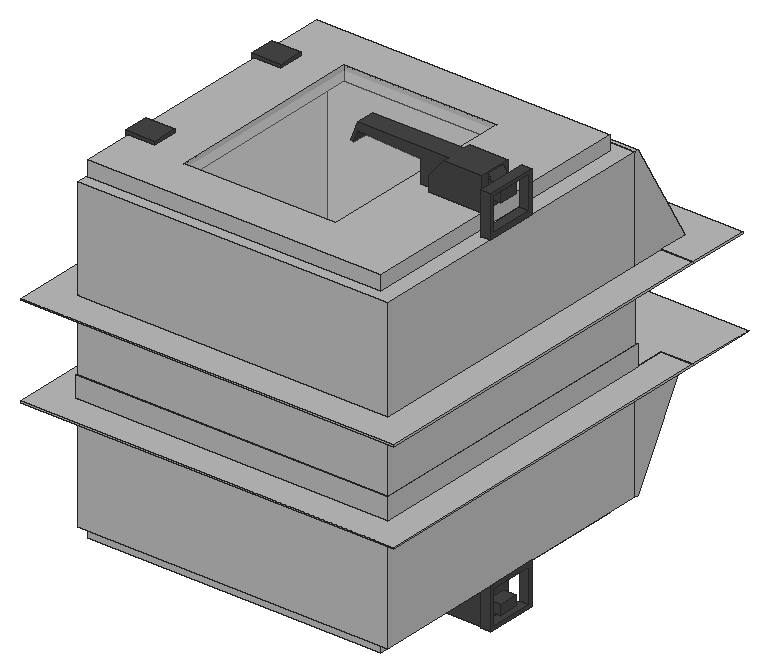
Revit family "Cleanroom_Pass-Through_TerraUni_Standard-Steel-Wall-mount", category Specialty Equipment, host Face, Revit 2026
Family settings
  Host = Face
  Round Connector Dimension = Use Diameter
  Part Type = Normal
  Classification Number = 23.40.70.11.11.11.11
  Enable Cutting in Views = No
  Cut with Voids When Loaded = No
  Maintain Annotation Orientation = No
  Shared = No
  Room Calculation Point = No
Parameters (values of type "12x12x12 Electropolished 304 SS")
  Warranty Duration (Years) = 0
  Wall Thickness [instance] = 0' - 3 1/2"
  Unit Width = 1' - 0"
  Unit Height = 1' - 0"
  Unit Depth = 1' - 0"
  URL = "http://www.terrauniversal.com/"
  Test Data = ""
  Standards Conformance = ""
  Specification = "http://www.arcat.com/sd/clients/terrauni.html?coid=43448"
  SpecWizard = ""
  Send Message = "http://www.arcat.com/users.pl?action=UserEmail&company=Terra Universal, Inc.&coid=43448&rep=147&fax=714-992-2179&mf="
  Sales Information = "http://www.terrauniversal.com/terra_universal_info/contact_terra.php"
  Revision = "R1_3_2012"
  Product Properties = ""
  Product Data = "http://www.arcat.com/arcatcos/cos43/arc43448.html?isac=1&r=2"
  Overall Width = Opening Width + 0' 2"  # 1' - 2 1/2"
  Overall Height = Opening Height + 0' 2"  # 1' - 2 1/2"
  Opening Width = Unit Width + 0' 0 1/2"  # 1' - 0 1/2"
  Opening Height = Unit Height + 0' 0 1/2"  # 1' - 0 1/2"
  Model_Rack System = "Not Applicable"
  Model = "1992-01C"
  Manufacturer Website = "http://www.terrauniversal.com/"
  Manufacturer Phone - Toll Free = ""
  Manufacturer Phone = "714-578-6017"
  Manufacturer Fax = "714-992-2179"
  Manufacturer Address = "800 S. Raymond Ave. Fullerton, CA 92381-5234"
  Manufacturer = "Terra Universal, Inc."
  Maintenance Schedule (Months) = 0
  Keynote = "13 20 00"
  Installation-Fabrication = ""
  Installation Phase = ""
  Include Mounting Braces [instance] = no
  Include Sprinkler Module [instance] = yes
  Include Removable Steel Shelves [instance] = 0
  Include Rack System = yes
  Include HEPA Filter Blower Combo [instance] = yes
  Include Grounding Terminals [instance] = yes
  Include Fluorescent Illuminator [instance] = yes
  Include FirmLok Interlock [instance] = yes
  Include ULPA Air Shower = yes
  Green Building-LEED = ""
  Fixture Material = Metal - TerraUniversal - Electropolished 304 SS
  Expected Lifespan (Years) = 0
  Drawn By = "Sumex Design, Inc. / Robert S. Weygant, CSI, CDT, SCIP"
  Door Style = NonFireRated-Door : Windowed Door 1 Handle
  Include Dirty Side Clean Top [instance] = yes
  Description = "Terra Universal 1992-01C Stainless Steel Pass-Through Chamber"
  Default Elevation = 4' - 0"
  Copyright = "©Arcat Inc."
  Construction Details = "http://www.arcat.com/details/terrauni/prod2134.html"
  Include Clean Side Clean Top [instance] = yes
  Clean Room Inset [instance] = 0' - 4"
  Building Codes = ""
  Assembly Code = "E1020700"
Types (36): name | Unit Width | Unit Height | Unit Depth | Overall Width | Overall Height | Opening Width | Opening Height | Model | Fixture Material | Description
  12x12x12 Electropolished 304 SS | 1' - 0" | 1' - 0" | 1' - 0" | 1' - 2 1/2" | 1' - 2 1/2" | 1' - 0 1/2" | 1' - 0 1/2" | "1992-01C" | Metal - TerraUniversal - Electropolished 304 SS | "Terra Universal 1992-01C Stainless Steel Pass-Through Chamber"
  12x12x24 Electropolished 304 SS | 1' - 0" | 2' - 0" | 1' - 0" | 1' - 2 1/2" | 2' - 2 1/2" | 1' - 0 1/2" | 2' - 0 1/2" | "As Specified" | Metal - TerraUniversal - Electropolished 304 SS | "Terra Universal Stainless Steel Pass-Through Chamber"
  18x18x16 Electropolished 304 SS | 1' - 6" | 1' - 4" | 1' - 6" | 1' - 8 1/2" | 1' - 6 1/2" | 1' - 6 1/2" | 1' - 4 1/2" | "As Specified" | Metal - TerraUniversal - Electropolished 304 SS | "Terra Universal Stainless Steel Pass-Through Chamber"
  18x18x24 Electropolished 304 SS | 1' - 6" | 2' - 0" | 1' - 6" | 1' - 8 1/2" | 2' - 2 1/2" | 1' - 6 1/2" | 2' - 0 1/2" | "As Specified" | Metal - TerraUniversal - Electropolished 304 SS | "Terra Universal Stainless Steel Pass-Through Chamber"
  24x24x16 Electropolished 304 SS | 2' - 0" | 1' - 4" | 2' - 0" | 2' - 2 1/2" | 1' - 6 1/2" | 2' - 0 1/2" | 1' - 4 1/2" | "As Specified" | Metal - TerraUniversal - Electropolished 304 SS | "Terra Universal Stainless Steel Pass-Through Chamber"
  24x24x24 Electropolished 304 SS | 2' - 0" | 2' - 0" | 2' - 0" | 2' - 2 1/2" | 2' - 2 1/2" | 2' - 0 1/2" | 2' - 0 1/2" | "As Specified" | Metal - TerraUniversal - Electropolished 304 SS | "Terra Universal Stainless Steel Pass-Through Chamber"
  24x36x24 Electropolished 304 SS | 2' - 0" | 2' - 0" | 3' - 0" | 2' - 2 1/2" | 2' - 2 1/2" | 2' - 0 1/2" | 2' - 0 1/2" | "As Specified" | Metal - TerraUniversal - Electropolished 304 SS | "Terra Universal Stainless Steel Pass-Through Chamber"
  36x36x24 Electropolished 304 SS | 3' - 0" | 2' - 0" | 3' - 0" | 3' - 2 1/2" | 2' - 2 1/2" | 3' - 0 1/2" | 2' - 0 1/2" | "As Specified" | Metal - TerraUniversal - Electropolished 304 SS | "Terra Universal Stainless Steel Pass-Through Chamber"
  24x24x36 Electropolished 304 SS | 2' - 0" | 3' - 0" | 2' - 0" | 2' - 2 1/2" | 3' - 2 1/2" | 2' - 0 1/2" | 3' - 0 1/2" | "As Specified" | Metal - TerraUniversal - Electropolished 304 SS | "Terra Universal Stainless Steel Pass-Through Chamber"
  24x24x48 Electropolished 304 SS | 2' - 0" | 4' - 0" | 2' - 0" | 2' - 2 1/2" | 4' - 2 1/2" | 2' - 0 1/2" | 4' - 0 1/2" | "As Specified" | Metal - TerraUniversal - Electropolished 304 SS | "Terra Universal Stainless Steel Pass-Through Chamber"
  36x36x36 Electropolished 304 SS | 3' - 0" | 3' - 0" | 3' - 0" | 3' - 2 1/2" | 3' - 2 1/2" | 3' - 0 1/2" | 3' - 0 1/2" | "As Specified" | Metal - TerraUniversal - Electropolished 304 SS | "Terra Universal Stainless Steel Pass-Through Chamber"
  36x36x48 Electropolished 304 SS | 3' - 0" | 4' - 0" | 3' - 0" | 3' - 2 1/2" | 4' - 2 1/2" | 3' - 0 1/2" | 4' - 0 1/2" | "As Specified" | Metal - TerraUniversal - Electropolished 304 SS | "Terra Universal Stainless Steel Pass-Through Chamber"
  12x12x12 Regular 304 SS | 1' - 0" | 1' - 0" | 1' - 0" | 1' - 2 1/2" | 1' - 2 1/2" | 1' - 0 1/2" | 1' - 0 1/2" | "As Specified" | Metal - TerraUniversal - 304 SS | "Terra Universal Stainless Steel Pass-Through Chamber"
  12x12x24 Regular 304 SS | 1' - 0" | 2' - 0" | 1' - 0" | 1' - 2 1/2" | 2' - 2 1/2" | 1' - 0 1/2" | 2' - 0 1/2" | "As Specified" | Metal - TerraUniversal - 304 SS | "Terra Universal Stainless Steel Pass-Through Chamber"
  18x18x16 Regular 304 SS | 1' - 6" | 1' - 4" | 1' - 6" | 1' - 8 1/2" | 1' - 6 1/2" | 1' - 6 1/2" | 1' - 4 1/2" | "As Specified" | Metal - TerraUniversal - 304 SS | "Terra Universal Stainless Steel Pass-Through Chamber"
  18x18x24 Regular 304 SS | 1' - 6" | 2' - 0" | 1' - 6" | 1' - 8 1/2" | 2' - 2 1/2" | 1' - 6 1/2" | 2' - 0 1/2" | "As Specified" | Metal - TerraUniversal - 304 SS | "Terra Universal Stainless Steel Pass-Through Chamber"
  24x24x16 Regular 304 SS | 2' - 0" | 1' - 4" | 2' - 0" | 2' - 2 1/2" | 1' - 6 1/2" | 2' - 0 1/2" | 1' - 4 1/2" | "As Specified" | Metal - TerraUniversal - 304 SS | "Terra Universal Stainless Steel Pass-Through Chamber"
  24x24x24 Regular 304 SS | 2' - 0" | 2' - 0" | 2' - 0" | 2' - 2 1/2" | 2' - 2 1/2" | 2' - 0 1/2" | 2' - 0 1/2" | "As Specified" | Metal - TerraUniversal - 304 SS | "Terra Universal Stainless Steel Pass-Through Chamber"
  24x36x24 Regular 304 SS | 2' - 0" | 2' - 0" | 3' - 0" | 2' - 2 1/2" | 2' - 2 1/2" | 2' - 0 1/2" | 2' - 0 1/2" | "As Specified" | Metal - TerraUniversal - 304 SS | "Terra Universal Stainless Steel Pass-Through Chamber"
  36x36x24 Regular 304 SS | 3' - 0" | 2' - 0" | 3' - 0" | 3' - 2 1/2" | 2' - 2 1/2" | 3' - 0 1/2" | 2' - 0 1/2" | "As Specified" | Metal - TerraUniversal - 304 SS | "Terra Universal Stainless Steel Pass-Through Chamber"
  24x24x36 Regular 304 SS | 2' - 0" | 3' - 0" | 2' - 0" | 2' - 2 1/2" | 3' - 2 1/2" | 2' - 0 1/2" | 3' - 0 1/2" | "As Specified" | Metal - TerraUniversal - 304 SS | "Terra Universal Stainless Steel Pass-Through Chamber"
  24x24x48 Regular 304 SS | 2' - 0" | 4' - 0" | 2' - 0" | 2' - 2 1/2" | 4' - 2 1/2" | 2' - 0 1/2" | 4' - 0 1/2" | "As Specified" | Metal - TerraUniversal - 304 SS | "Terra Universal Stainless Steel Pass-Through Chamber"
  36x36x36 Regular 304 SS | 3' - 0" | 3' - 0" | 3' - 0" | 3' - 2 1/2" | 3' - 2 1/2" | 3' - 0 1/2" | 3' - 0 1/2" | "As Specified" | Metal - TerraUniversal - 304 SS | "Terra Universal Stainless Steel Pass-Through Chamber"
  36x36x48 Regular 304 SS | 3' - 0" | 4' - 0" | 3' - 0" | 3' - 2 1/2" | 4' - 2 1/2" | 3' - 0 1/2" | 4' - 0 1/2" | "As Specified" | Metal - TerraUniversal - 304 SS | "Terra Universal Stainless Steel Pass-Through Chamber"
  12x12x12 Powder-Coated | 1' - 0" | 1' - 0" | 1' - 0" | 1' - 2 1/2" | 1' - 2 1/2" | 1' - 0 1/2" | 1' - 0 1/2" | "As Specified" | Metal - TerraUniversal - Powder-Coated Steel | "Terra Universal Stainless Steel Pass-Through Chamber"
  12x12x24 Powder-Coated | 1' - 0" | 2' - 0" | 1' - 0" | 1' - 2 1/2" | 2' - 2 1/2" | 1' - 0 1/2" | 2' - 0 1/2" | "As Specified" | Metal - TerraUniversal - Powder-Coated Steel | "Terra Universal Stainless Steel Pass-Through Chamber"
  18x18x16 Powder-Coated | 1' - 6" | 1' - 4" | 1' - 6" | 1' - 8 1/2" | 1' - 6 1/2" | 1' - 6 1/2" | 1' - 4 1/2" | "As Specified" | Metal - TerraUniversal - Powder-Coated Steel | "Terra Universal Stainless Steel Pass-Through Chamber"
  18x18x24 Powder-Coated | 1' - 6" | 2' - 0" | 1' - 6" | 1' - 8 1/2" | 2' - 2 1/2" | 1' - 6 1/2" | 2' - 0 1/2" | "As Specified" | Metal - TerraUniversal - Powder-Coated Steel | "Terra Universal Stainless Steel Pass-Through Chamber"
  24x24x16 Powder-Coated | 2' - 0" | 1' - 4" | 2' - 0" | 2' - 2 1/2" | 1' - 6 1/2" | 2' - 0 1/2" | 1' - 4 1/2" | "As Specified" | Metal - TerraUniversal - Powder-Coated Steel | "Terra Universal Stainless Steel Pass-Through Chamber"
  24x24x24 Powder-Coated | 2' - 0" | 2' - 0" | 2' - 0" | 2' - 2 1/2" | 2' - 2 1/2" | 2' - 0 1/2" | 2' - 0 1/2" | "As Specified" | Metal - TerraUniversal - Powder-Coated Steel | "Terra Universal Stainless Steel Pass-Through Chamber"
  24x36x24 Powder-Coated | 2' - 0" | 2' - 0" | 3' - 0" | 2' - 2 1/2" | 2' - 2 1/2" | 2' - 0 1/2" | 2' - 0 1/2" | "As Specified" | Metal - TerraUniversal - Powder-Coated Steel | "Terra Universal Stainless Steel Pass-Through Chamber"
  36x36x24 Powder-Coated | 3' - 0" | 2' - 0" | 3' - 0" | 3' - 2 1/2" | 2' - 2 1/2" | 3' - 0 1/2" | 2' - 0 1/2" | "As Specified" | Metal - TerraUniversal - Powder-Coated Steel | "Terra Universal Stainless Steel Pass-Through Chamber"
  24x24x36 Powder-Coated | 2' - 0" | 3' - 0" | 2' - 0" | 2' - 2 1/2" | 3' - 2 1/2" | 2' - 0 1/2" | 3' - 0 1/2" | "As Specified" | Metal - TerraUniversal - Powder-Coated Steel | "Terra Universal Stainless Steel Pass-Through Chamber"
  24x24x48 Powder-Coated | 2' - 0" | 4' - 0" | 2' - 0" | 2' - 2 1/2" | 4' - 2 1/2" | 2' - 0 1/2" | 4' - 0 1/2" | "As Specified" | Metal - TerraUniversal - Powder-Coated Steel | "Terra Universal Stainless Steel Pass-Through Chamber"
  36x36x36 Powder-Coated | 3' - 0" | 3' - 0" | 3' - 0" | 3' - 2 1/2" | 3' - 2 1/2" | 3' - 0 1/2" | 3' - 0 1/2" | "As Specified" | Metal - TerraUniversal - Powder-Coated Steel | "Terra Universal Stainless Steel Pass-Through Chamber"
  36x36x48 Powder-Coated | 3' - 0" | 4' - 0" | 3' - 0" | 3' - 2 1/2" | 4' - 2 1/2" | 3' - 0 1/2" | 4' - 0 1/2" | "As Specified" | Metal - TerraUniversal - Powder-Coated Steel | "Terra Universal Stainless Steel Pass-Through Chamber"
Reference planes (in)
  plane 1 "Center (Front/Back)": y = 0
  plane 2: z = 0
  plane 3 "Center (Left/Right)": x = 0
  plane 4: y = 6
  plane 5: y = -6
  plane 6: x = -6
  plane 7: x = 6
  plane 8: z = 4
  plane 9: z = -3.5
  plane 10: z = -8
  plane 11: x = -6.25
  plane 12: y = 6.25
  plane 13: x = 6.25
  plane 14: y = -6.25
  plane 15: x = -7.25
  plane 16: x = 7.25
  plane 17: y = 7.25
  plane 18: y = -7.25
  plane 19: z = 3.5
  plane 20: z = -7.5
  plane 21: x = 5
  plane 22: x = -5
Forms (in)
  Sweep 1, solid, material "Metal - TerraUniversal - Electropolished 304 SS" <- "Fixture Material"
    path origin (0, 0, 0) x (1, 0, 0) y (0, 1, 0)
      loop
        line (-7.25, 7.25) -> (-7.25, -7.25) -> (7.25, -7.25) -> (7.25, 7.25) -> (-7.25, 7.25)
    profile origin (0, 7.25, 0) x (0, 1, 0) y (0, 0, 1)
      loop
        line (-1.25, 0.0625) -> (-1.25, -0.8125) -> (-1.1875, -0.8125) -> (-1.1875, 0) -> (0, 0) -> (0, 0.0625) -> (-1.25, 0.0625)
  Sweep 2, solid, material "Metal - TerraUniversal - Electropolished 304 SS" <- "Fixture Material"
    path origin (0, 0, -7) x (0, -1, 0) y (1, 0, 0)
      loop
        line (-7.25, -7.25) -> (7.25, -7.25) -> (7.25, 7.25) -> (-7.25, 7.25) -> (-7.25, -7.25)
    profile origin (0, 7.25, -7) x (0, 1, 0) y (0, 0, 1)
      loop
        line (-1.25, 3.4375) -> (0, 3.4375) -> (0, 3.5) -> (-1.1875, 3.5) -> (-1.1875, 4.3125) -> (-1.25, 4.3125) -> (-1.25, 3.4375)
  Extrusion 3, void
    sketch origin (0, 0, 0) x (1, 0, 0) y (0, 1, 0)
      loop
        line (-6.25, 6.25) -> (-6.25, -6.25) -> (6.25, -6.25) -> (6.25, 6.25) -> (-6.25, 6.25)
    from -3.5 to 0
  Extrusion 4, solid, material "Metal - TerraUniversal - Electropolished 304 SS" <- "Fixture Material"
    sketch origin (0, 0, 0) x (1, 0, 0) y (0, 1, 0)
      loop
        line (-6, 6) -> (-6, -6) -> (6, -6) -> (6, 6) -> (-6, 6)
      loop
        line (-5.75, -5.75) -> (5.75, -5.75) -> (5.75, 5.75) -> (-5.75, 5.75) -> (-5.75, -5.75)
    from -8 to 4
  Extrusion 5, solid, material "Metal - TerraUniversal - Electropolished 304 SS" <- "Fixture Material"
    sketch origin (0, 0, 0) x (1, 0, 0) y (0, 1, 0)
      loop
        line (-6, 6) -> (-6, -6) -> (6, -6) -> (6, 6) -> (-6, 6)
      loop
        line (-5, -5) -> (5, -5) -> (5, 5) -> (-5, 5) -> (-5, -5)
    from 3.5 to 4
  Extrusion 6, solid, material "Metal - TerraUniversal - Electropolished 304 SS" <- "Fixture Material"
    sketch origin (0, 0, -7) x (0, -1, 0) y (1, 0, 0)
      loop
        line (-6, -6) -> (6, -6) -> (6, 6) -> (-6, 6) -> (-6, -6)
      loop
        line (5, -5) -> (5, 5) -> (-5, 5) -> (-5, -5) -> (5, -5)
    from -1 to -0.5
  Extrusion 7, solid, material "Metal - TerraUniversal - Electropolished 304 SS" <- "Fixture Material", visible <- "Include Clean Side Clean Top"
    sketch origin (0, 0, 0) x (0, 1, 0) y (0, 0, 1)
      loop
        line (6, 4) -> (6, 0) -> (8.4344, 0) -> (9.64832, 0) -> (9.64832, 0.0625) -> (8.39832, 0.0625) -> (6.125, 4) -> (6, 4)
    from -6 to 6
  Extrusion 8, solid, material "Metal - TerraUniversal - Electropolished 304 SS" <- "Fixture Material", visible <- "Include Dirty Side Clean Top"
    sketch origin (0, 0, 0) x (0, 1, 0) y (0, 0, 1)
      loop
        line (6, -8) -> (6.125, -8) -> (8.68699, -3.5625) -> (9.93699, -3.5625) -> (9.93699, -3.5) -> (8.72308, -3.5) -> (6, -3.5) -> (6, -8)
    from -6 to 6
  Extrusion 9, solid, material "Metal - TerraUniversal - Electropolished 304 SS" <- "Fixture Material", visible <- "Include Clean Side Clean Top"
    sketch origin (0, 0, 0) x (1, 0, 0) y (0, 1, 0)
      loop
        line (-6, 9.64832) -> (-7.25, 9.64832) -> (-7.25, 7.25) -> (-6, 7.25) -> (-6, 9.64832)
      loop
        line (6, 9.64832) -> (6, 7.25) -> (7.25, 7.25) -> (7.25, 9.64832) -> (6, 9.64832)
    from 0 to 0.0625
  Extrusion 10, solid, material "Metal - TerraUniversal - Electropolished 304 SS" <- "Fixture Material", visible <- "Include Dirty Side Clean Top"
    sketch origin (0, 0, 0) x (1, 0, 0) y (0, 1, 0)
      loop
        line (6, 9.93699) -> (6, 7.25) -> (7.25, 7.25) -> (7.25, 9.93699) -> (6, 9.93699)
      loop
        line (-6, 9.93699) -> (-7.25, 9.93699) -> (-7.25, 7.25) -> (-6, 7.25) -> (-6, 9.93699)
    from -3.5 to -3.5625
  Extrusion 11, solid, material "Metal - TerraUniversal - 304 SS", visible <- "Include Mounting Braces"
    sketch origin (0, 0, 0) x (0, 1, 0) y (0, 0, 1)
      loop
        line (-6, -3.5) -> (-21, -3.5) -> (-6, -18.5) -> (-6, -3.5)
      loop
        line (-7, -14.67157) -> (-7, -4.5) -> (-17.17157, -4.5) -> (-7, -14.67157)
    from 5 to 6
  Extrusion 12, solid, material "Metal - TerraUniversal - 304 SS", visible <- "Include Mounting Braces"
    sketch origin (0, 0, 0) x (0, 1, 0) y (0, 0, 1)
      loop
        line (-6, -3.5) -> (-21, -3.5) -> (-6, -18.5) -> (-6, -3.5)
      loop
        line (-7, -14.67157) -> (-7, -4.5) -> (-17.17157, -4.5) -> (-7, -14.67157)
    from -6 to -5
Cuts and joins
  joined: Extrusion 4, Extrusion 5, Extrusion 6
  joined: Extrusion 7, Extrusion 9
  joined: Extrusion 8, Extrusion 10
Dimensions and locks (in)
  equal spacing: plane 4, plane 1 "Center (Front/Back)", plane 5
  "Unit Height": plane 4 to plane 5
  equal spacing: plane 6, plane 3 "Center (Left/Right)", plane 7
  "Unit Width": plane 6 to plane 7
  "Wall Thickness": host face to plane 9
  equal spacing: plane 12, plane 1 "Center (Front/Back)", plane 14
  equal spacing: plane 11, plane 3 "Center (Left/Right)", plane 13
  "Opening Width": plane 11 to plane 13
  "Opening Height": plane 12 to plane 14
  Sweep 1 sketch curve to Sweep 1 sketch curve to Sweep 1 sketch curve = 0' - 0 1/16" locked, 0' - 0 13/16" locked
  locked: plane 4 to Sweep 1 sketch curve at 0.0625
  equal spacing: plane 17, plane 1 "Center (Front/Back)", plane 18
  "Overall Height": plane 17 to plane 18
  equal spacing: plane 15, plane 3 "Center (Left/Right)", plane 16
  "Overall Width": plane 15 to plane 16
  Sweep 2 sketch curve to Sweep 2 sketch curve to Sweep 2 sketch curve = 0' - 0 13/16" locked, 0' - 0 1/16" locked
  locked: plane 4 to Sweep 2 sketch curve at 0.0625
  "Unit Depth": plane 8 to plane 10
  "Clean Room Inset": plane 8 to level
  locked: plane 6 to Extrusion 4 sketch curve at 0.25
  locked: Extrusion 4 sketch curve to plane 7 at 0.25
  locked: plane 4 to Extrusion 4 sketch curve at 0.25
  locked: plane 5 to Extrusion 4 sketch curve at 0.25
  locked: plane 8 to plane 19 at 0.5
  locked: plane 20 to plane 10 at 0.5
  locked: plane 6 to Extrusion 5 sketch curve at 1
  locked: plane 5 to Extrusion 5 sketch curve at 1
  locked: plane 4 to Extrusion 5 sketch curve at 1
  locked: Extrusion 5 sketch curve to plane 7 at 1
  locked: plane 4 to Extrusion 6 sketch curve at 1
  locked: plane 5 to Extrusion 6 sketch curve at 1
  locked: Extrusion 6 sketch curve to plane 7 at 1
  locked: plane 6 to Extrusion 6 sketch curve at 1
  locked: plane 4 to Extrusion 7 sketch curve at 0.125
  locked: plane 4 to Extrusion 8 sketch curve at 0.125
  locked: Extrusion 8 sketch curve to Extrusion 8 sketch curve at 1.25
  locked: Extrusion 7 sketch curve to Extrusion 7 sketch curve at 1.25
  locked: Extrusion 7 sketch curve to level at 0.0625
  locked: plane 9 to Extrusion 8 sketch curve at 0.0625
  locked: Extrusion 11 sketch curve to plane 5 at 1
  locked: Extrusion 11 sketch curve to Extrusion 11 sketch curve at 15  (x2)
  locked: plane 9 to Extrusion 11 sketch curve at 1
  locked: Extrusion 11 sketch curve to Extrusion 11 sketch curve at 2
  locked: plane 6 to plane 22 at 1
  locked: plane 21 to plane 7 at 1
  locked: Extrusion 12 sketch curve to Extrusion 12 sketch curve at 15  (x2)
  locked: Extrusion 12 sketch curve to Extrusion 12 sketch curve at 2
  locked: Extrusion 12 sketch curve to Extrusion 12 sketch curve at 1  (x2)
  locked: plane 4 to Extrusion 7 sketch curve (angle 30.00°)
  locked: Extrusion 8 sketch curve to plane 4 (angle 30.00°)
  aligned and locked: plane 2 to host face
  aligned and locked: level to host face
  aligned and locked: Sweep 1 sketch curve to plane 4
  aligned and locked: profile plane to Sweep 1 sketch curve
  aligned and locked: Sweep 1 sketch curve to plane 17
  aligned and locked: plane 18 to Sweep 1 sketch curve
  aligned and locked: Sweep 1 sketch curve to plane 16
  aligned and locked: plane 15 to Sweep 1 sketch curve
  aligned and locked: Sweep 2 sketch curve to plane 17
  aligned and locked: Sweep 2 sketch curve to plane 16
  aligned and locked: plane 18 to Sweep 2 sketch curve
  aligned and locked: plane 15 to Sweep 2 sketch curve
  aligned and locked: plane 17 to Sweep 2 sketch curve
  aligned and locked: plane 4 to Sweep 2 sketch curve
  aligned and locked: plane 9 to Sweep 2 sketch curve
  aligned and locked: Extrusion 3 sketch curve to plane 13
  aligned and locked: plane 14 to Extrusion 3 sketch curve
  aligned and locked: Extrusion 3 sketch curve to plane 12
  aligned and locked: plane 11 to Extrusion 3 sketch curve
  aligned and locked: Extrusion 3 to plane 9
  aligned and locked: level to Extrusion 3
  aligned and locked: plane 6 to Extrusion 4 sketch curve
  aligned and locked: Extrusion 4 sketch curve to plane 4
  aligned and locked: Extrusion 4 sketch curve to plane 7
  aligned and locked: plane 5 to Extrusion 4 sketch curve
  aligned and locked: plane 8 to Extrusion 4
  aligned and locked: Extrusion 4 to plane 10
  aligned and locked: Extrusion 5 sketch curve to plane 4
  aligned and locked: Extrusion 5 sketch curve to plane 7
  aligned and locked: plane 5 to Extrusion 5 sketch curve
  aligned and locked: plane 6 to Extrusion 5 sketch curve
  aligned and locked: plane 8 to Extrusion 5
  aligned and locked: Extrusion 5 to plane 19
  aligned and locked: Extrusion 6 to plane 10
  aligned and locked: plane 20 to Extrusion 6
  aligned and locked: plane 6 to Extrusion 6 sketch curve
  aligned and locked: Extrusion 6 sketch curve to plane 4
  aligned and locked: Extrusion 6 sketch curve to plane 7
  aligned and locked: plane 5 to Extrusion 6 sketch curve
  aligned and locked: Extrusion 7 sketch curve to level
  aligned and locked: Extrusion 7 sketch curve to plane 4
  aligned and locked: Extrusion 8 sketch curve to plane 4
  aligned and locked: plane 9 to Extrusion 8 sketch curve
  aligned and locked: Extrusion 7 to plane 6
  aligned and locked: plane 7 to Extrusion 7
  aligned and locked: Extrusion 8 to plane 6
  aligned and locked: plane 7 to Extrusion 8
  aligned and locked: plane 6 to Extrusion 9 sketch curve
  aligned and locked: Extrusion 9 sketch curve to plane 17
  aligned and locked: Extrusion 7 to Extrusion 9 sketch curve
  aligned and locked: Extrusion 9 sketch curve to plane 15
  aligned and locked: Extrusion 9 sketch curve to plane 7
  aligned and locked: Extrusion 9 sketch curve to plane 16
  aligned and locked: plane 17 to Extrusion 9 sketch curve
  aligned and locked: Extrusion 9 sketch curve to Extrusion 7
  aligned and locked: Extrusion 9 to Sweep 1
  aligned and locked: Extrusion 10 sketch curve to Extrusion 8
  aligned and locked: plane 7 to Extrusion 10 sketch curve
  aligned and locked: Extrusion 10 sketch curve to plane 16
  aligned and locked: plane 17 to Extrusion 10 sketch curve
  aligned and locked: plane 6 to Extrusion 10 sketch curve
  aligned and locked: Extrusion 10 sketch curve to plane 15
  aligned and locked: Extrusion 10 sketch curve to plane 17
  aligned and locked: Extrusion 8 to Extrusion 10 sketch curve
  aligned and locked: Extrusion 10 to plane 9
  aligned and locked: Sweep 2 to Extrusion 10
  aligned and locked: Extrusion 11 sketch curve to plane 5
  aligned and locked: plane 9 to Extrusion 11 sketch curve
  aligned and locked: Extrusion 11 to plane 7
  aligned and locked: Extrusion 11 to plane 21
  aligned and locked: Extrusion 12 to plane 6
  aligned and locked: plane 22 to Extrusion 12
  aligned and locked: Extrusion 12 sketch curve to plane 5
  aligned and locked: plane 9 to Extrusion 12 sketch curve
  aligned and locked: nested 1 to plane 6
  aligned and locked: plane 5 to nested 1
  aligned and locked: nested 1 to plane 8
  aligned and locked: plane 6 to nested 2
  aligned and locked: plane 10 to nested 2
  aligned and locked: nested 2 to plane 5
Automatic sketch dimensions
  host sketch curve to host sketch curve = 8' - 0"  (x2)
  Sweep 1 sketch curve to level = 0' - 0"
  Extrusion 7 sketch curve to plane 8 = 0' - 0"
  Extrusion 7 sketch curve to Extrusion 7 sketch curve = 0' - 0.03608"
  Extrusion 8 sketch curve to plane 10 = 0' - 0"
  Extrusion 8 sketch curve to Extrusion 8 sketch curve = 0' - 0.03608"
Nested families (in)
  nested 1: "NonFireRated-Door" at (0, 0, 4), type <- "Door Style", Width <- "Unit Width", Height <- "Unit Height", Door Material <- "Fixture Material", type "Windowed Door 1 Handle"
    with built-in parameter 1001301 1' - 0", Int Width 2' - 8 1/32", Int Height 4' - 0 89/128", built-in parameter 1001300 1' - 0", Hardware Finish Metal - TerraUniversal - 304 SS, Glass Type Plastic - TerraUniversal - Dissipative PVC, Door Material Metal - TerraUniversal - Electropolished 304 SS, Hinge 4 no, Hinge 3 no, Hinge 2 no, Handle 5 no, Handle 4 no, Handle 3 yes, Handle 2 no, Handle 1 no, Full Height Handle no
  nested 2: "NonFireRated-Door" at (0, 0, -8) x (1, 0, 0) z (0, 0, -1), type <- "Door Style", Width <- "Unit Width", Height <- "Unit Height", Door Material <- "Fixture Material", type "Windowed Door 1 Handle"
    with built-in parameter 1001301 1' - 0", Int Width 2' - 8 1/32", Int Height 4' - 0 89/128", built-in parameter 1001300 1' - 0", Hardware Finish Metal - TerraUniversal - 304 SS, Glass Type Plastic - TerraUniversal - Dissipative PVC, Door Material Metal - TerraUniversal - Electropolished 304 SS, Hinge 4 no, Hinge 3 no, Hinge 2 no, Handle 5 no, Handle 4 no, Handle 3 yes, Handle 2 no, Handle 1 no, Full Height Handle no
Definition of nested family "NonFireRated-Door"
  Parameters
    Windowed = yes
    Width [instance] = 2' - 0"
    Solid = no
    Hinge 5 = yes
    Hinge 4 = yes
    Hinge 3 = yes
    Hinge 2 = yes
    Hinge 1 = yes
    Handle 5 = yes
    Handle 4 = yes
    Handle 3 = no
    Handle 2 = yes
    Handle 1 = yes
    Int Width [instance] = 2' - 8 1/32"
    Int Height [instance] = 4' - 0 89/128"
    Height [instance] = 2' - 0"
    Hardware Finish [instance] = none
    Glass Type [instance] = none
    Full Height Handle = yes
    Door Material [instance] = none
    Default Elevation = 4' - 0"
    Assembly Code = ""
  Reference planes (in)
    plane 1 "Center (Front/Back)": y = 0
    plane 2: z = 0
    plane 3 "Center (Left/Right)": x = 0
    plane 4: x = 12
    plane 5: y = 11.55
    plane 6: y = -11.55
    plane 7: x = 11.375
    plane 8: x = -12
    plane 9: x = -23.72125
    plane 10: x = 8.31
    plane 11: z = 0.5625
    plane 12: z = 0.375
    plane 13: z = 0.1875
    plane 14: y = 0.375
    plane 15: y = 0.625
    plane 16: y = -0.375
    plane 17: y = -0.625
    plane 18: x = 11.625
    plane 19: y = 7.625
    plane 20: y = 7.875
    plane 21: y = 6.875
    plane 22: y = 6.625
    plane 23: y = -7.625
    plane 24: y = -7.875
    plane 25: y = -6.875
    plane 26: y = -6.625
    plane 27: z = 24
    plane 28: y = -2.79167
    plane 29: y = -3.04167
    plane 30: y = -2.04167
    plane 31: y = -1.79167
    plane 32: y = 2.04167
    plane 33: y = 1.79167
    plane 34: y = 2.79167
    plane 35: y = 3.04167
    plane 36: y = 9.55
    plane 37: y = 8.55
    plane 38: y = 2.51667
    plane 39: y = 3.51667
    plane 40: y = 0.5
    plane 41: y = -0.5
    plane 42: y = -2.51667
    plane 43: y = -3.51667
    plane 44: y = -8.55
    plane 45: y = -9.55
    plane 46: y = 12
    plane 47: y = -12
  Forms (in)
    Extrusion 1, solid, material <- "Door Material", visible <- "Solid"
      sketch origin (0, 0, 0) x (1, 0, 0) y (0, 1, 0)
        loop
          line (-12, 11.55) -> (-12, -11.55) -> (11.375, -11.55) -> (11.375, 11.55) -> (-12, 11.55)
      from 0 to 0.5625
    Extrusion 2, solid, material <- "Door Material", visible <- "Windowed"
      sketch origin (0, 0, 0) x (1, 0, 0) y (0, 1, 0)
        loop
          line (-12, 11.55) -> (-12, -11.55) -> (11.375, -11.55) -> (11.375, 11.55) -> (-12, 11.55)
        loop
          line (-9.6, -9.9) -> (8.31, -9.9) -> (8.31, 9.9) -> (-9.6, 9.9) -> (-9.6, -9.9)
      from 0 to 0.5625
    Extrusion 3, solid, material <- "Glass Type"
      sketch origin (0, 0, 0) x (1, 0, 0) y (0, 1, 0)
        loop
          line (-10.19922, 10.55) -> (-10.19922, -10.55) -> (8.625, -10.55) -> (8.625, 10.55) -> (-10.19922, 10.55)
      from 0.1875 to 0.375
    Extrusion 4, solid, material <- "Hardware Finish", visible <- "Handle 3"
      sketch origin (0, 0, 0) x (1, 0, 0) y (0, 0, 1)
        loop
          line (11.375, 0.5625) -> (11.375, 1.8425) -> (9.875, 1.8425) -> (9.3125, 1.1325) -> (9.3125, 0.5625) -> (11.375, 0.5625)
      from -0.625 to 0.625
    Extrusion 5, solid, material <- "Hardware Finish", visible <- "Handle 3"
      sketch origin (0, 0, 0) x (1, 0, 0) y (0, 0, 1)
        loop
          line (11.375, 1.8425) -> (6.335, 1.8425) -> (6.07848, 1.13773) -> (6.19595, 1.09498) -> (6.35814, 1.5406) -> (8.8025, 1.4125) -> (8.8025, 0.5625) -> (11.375, 0.5625) -> (11.375, 1.8425)
      from -0.375 to 0.375
    Extrusion 6, solid, material <- "Hardware Finish", visible <- "Handle 3"
      sketch origin (0, 0, 0) x (1, 0, 0) y (0, 0, 1)
        loop
          line (11.375, 1.8425) -> (11.375, 0.97461) -> (11.89457, 0.97461) -> (11.89457, 1.35619) -> (11.64457, 1.35619) -> (11.375, 1.8425)
      from -0.375 to 0.375
    Extrusion 7, solid, material <- "Hardware Finish", visible <- "Handle 1"
      sketch origin (0, 23.5, 0) x (1, 0, 0) y (0, 0, 1)
        loop
          line (11.375, 0.5625) -> (11.375, 1.8425) -> (9.365, 1.8425) -> (8.8025, 1.1325) -> (8.8025, 0.5625) -> (11.375, 0.5625)
      from 15.625 to 16.875
    Extrusion 8, solid, material <- "Hardware Finish", visible <- "Handle 1"
      sketch origin (0, 23.5, 0) x (1, 0, 0) y (0, 0, 1)
        loop
          line (11.375, 1.8425) -> (6.335, 1.8425) -> (6.07848, 1.13773) -> (6.19595, 1.09498) -> (6.35814, 1.5406) -> (8.8025, 1.4125) -> (8.8025, 0.5625) -> (11.375, 0.5625) -> (11.375, 1.8425)
      from 15.875 to 16.625
    Extrusion 9, solid, material <- "Hardware Finish", visible <- "Handle 1"
      sketch origin (0, 23.5, 0) x (0, 1, 0) y (0, 0, 1)
        loop
          line (-17.25, 1.6091) -> (-17.25, 0) -> (-15.25, 0) -> (-15.25, 1.6091) -> (-17.25, 1.6091)
        loop
          line (-17.125, 1.4841) -> (-17.125, 0.1875) -> (-15.375, 0.1875) -> (-15.375, 1.4841) -> (-17.125, 1.4841)
      from 11.625 to 12
    Extrusion 10, solid, material <- "Hardware Finish", visible <- "Handle 1"
      sketch origin (0, 23.5, 0) x (1, 0, 0) y (0, 0, 1)
        loop
          line (11.375, 1.8425) -> (11.375, 0.97461) -> (11.89457, 0.97461) -> (11.89457, 1.35619) -> (11.64457, 1.35619) -> (11.375, 1.8425)
      from 15.875 to 16.625
    Extrusion 11, solid, material <- "Hardware Finish", visible <- "Handle 5"
      sketch origin (0, -23.5, 0) x (1, 0, 0) y (0, 0, -1)
        loop
          line (11.375, -0.5625) -> (8.8025, -0.5625) -> (8.8025, -1.1325) -> (9.365, -1.8425) -> (11.375, -1.8425) -> (11.375, -0.5625)
      from 15.625 to 16.875
    Extrusion 12, solid, material <- "Hardware Finish", visible <- "Handle 5"
      sketch origin (0, -23.5, 0) x (1, 0, 0) y (0, 0, -1)
        loop
          line (11.375, -1.8425) -> (11.375, -0.5625) -> (8.8025, -0.5625) -> (8.8025, -1.4125) -> (6.35814, -1.5406) -> (6.19595, -1.09498) -> (6.07848, -1.13773) -> (6.335, -1.8425) -> (11.375, -1.8425)
      from 15.875 to 16.625
    Extrusion 13, solid, material <- "Hardware Finish", visible <- "Handle 5"
      sketch origin (0, -23.5, 0) x (1, 0, 0) y (0, 0, -1)
        loop
          line (11.375, -1.8425) -> (11.64457, -1.35619) -> (11.89457, -1.35619) -> (11.89457, -0.97461) -> (11.375, -0.97461) -> (11.375, -1.8425)
      from 15.875 to 16.625
    Extrusion 14, solid, material <- "Hardware Finish", visible <- "Full Height Handle"
      sketch origin (0, 0, 0) x (1, 0, 0) y (0, 0, 1)
        loop
          line (6.845, 1.8425) -> (7.595, 1.8425) -> (7.595, 2.5925) -> (6.845, 2.5925) -> (6.845, 1.8425)
      from -7.875 to 7.875
    Extrusion 15, solid, material <- "Hardware Finish", visible <- "Handle 4"
      sketch origin (0, -20, 0) x (1, 0, 0) y (0, 0, -1)
        loop
          line (11.375, -0.5625) -> (8.8025, -0.5625) -> (8.8025, -1.1325) -> (9.365, -1.8425) -> (11.375, -1.8425) -> (11.375, -0.5625)
      from 16.95833 to 18.20833
    Extrusion 16, solid, material <- "Hardware Finish", visible <- "Handle 4"
      sketch origin (0, -20, 0) x (1, 0, 0) y (0, 0, -1)
        loop
          line (11.375, -1.8425) -> (11.375, -0.5625) -> (8.8025, -0.5625) -> (8.8025, -1.4125) -> (6.35814, -1.5406) -> (6.19595, -1.09498) -> (6.07848, -1.13773) -> (6.335, -1.8425) -> (11.375, -1.8425)
      from 17.20833 to 17.95833
    Extrusion 17, solid, material <- "Hardware Finish", visible <- "Handle 4"
      sketch origin (0, -20, 0) x (1, 0, 0) y (0, 0, -1)
        loop
          line (11.375, -1.8425) -> (11.64457, -1.35619) -> (11.89457, -1.35619) -> (11.89457, -0.97461) -> (11.375, -0.97461) -> (11.375, -1.8425)
      from 17.20833 to 17.95833
    Extrusion 18, solid, material <- "Hardware Finish", visible <- "Handle 2"
      sketch origin (0, -12.5, 0) x (1, 0, 0) y (0, 0, -1)
        loop
          line (11.375, -0.5625) -> (8.8025, -0.5625) -> (8.8025, -1.1325) -> (9.365, -1.8425) -> (11.375, -1.8425) -> (11.375, -0.5625)
      from 14.29167 to 15.54167
    Extrusion 19, solid, material <- "Hardware Finish", visible <- "Handle 2"
      sketch origin (0, -12.5, 0) x (1, 0, 0) y (0, 0, -1)
        loop
          line (11.375, -1.8425) -> (11.375, -0.5625) -> (8.8025, -0.5625) -> (8.8025, -1.4125) -> (6.35814, -1.5406) -> (6.19595, -1.09498) -> (6.07848, -1.13773) -> (6.335, -1.8425) -> (11.375, -1.8425)
      from 14.54167 to 15.29167
    Extrusion 20, solid, material <- "Hardware Finish", visible <- "Handle 2"
      sketch origin (0, -12.5, 0) x (1, 0, 0) y (0, 0, -1)
        loop
          line (11.375, -1.8425) -> (11.64457, -1.35619) -> (11.89457, -1.35619) -> (11.89457, -0.97461) -> (11.375, -0.97461) -> (11.375, -1.8425)
      from 14.54167 to 15.29167
    Extrusion 21, solid, material <- "Hardware Finish", visible <- "Hinge 1"
      sketch origin (0, 0, 0) x (1, 0, 0) y (0, 0, 1)
        loop
          line (-12, 0.5625) -> (-11, 0.5625) -> (-11, 0.6875) -> (-12.125, 0.6875) -> (-12.125, 0)
          arc (-12.125, 0) -> (-12.3125, -0.1875) -> (-12.125, -0.375) r 0.1875
          line (-12.125, -0.375) -> (-12.125, -1.125) -> (-12, -1.125) -> (-12, 0.5625)
      from -9.55 to -8.55
    Extrusion 22, solid, material <- "Hardware Finish", visible <- "Hinge 2"
      sketch origin (0, 0, 0) x (1, 0, 0) y (0, 0, 1)
        loop
          line (-12, 0.5625) -> (-11, 0.5625) -> (-11, 0.6875) -> (-12.125, 0.6875) -> (-12.125, 0)
          arc (-12.125, 0) -> (-12.3125, -0.1875) -> (-12.125, -0.375) r 0.1875
          line (-12.125, -0.375) -> (-12.125, -1.125) -> (-12, -1.125) -> (-12, 0.5625)
      from -3.51667 to -2.51667
    Extrusion 23, solid, material <- "Hardware Finish", visible <- "Hinge 3"
      sketch origin (0, 0, 0) x (1, 0, 0) y (0, 0, 1)
        loop
          line (-12, 0.5625) -> (-11, 0.5625) -> (-11, 0.6875) -> (-12.125, 0.6875) -> (-12.125, 0)
          arc (-12.125, 0) -> (-12.3125, -0.1875) -> (-12.125, -0.375) r 0.1875
          line (-12.125, -0.375) -> (-12.125, -1.125) -> (-12, -1.125) -> (-12, 0.5625)
      from -0.5 to 0.5
    Extrusion 24, solid, material <- "Hardware Finish", visible <- "Hinge 4"
      sketch origin (0, 0, 0) x (1, 0, 0) y (0, 0, 1)
        loop
          line (-12, 0.5625) -> (-11, 0.5625) -> (-11, 0.6875) -> (-12.125, 0.6875) -> (-12.125, 0)
          arc (-12.125, 0) -> (-12.3125, -0.1875) -> (-12.125, -0.375) r 0.1875
          line (-12.125, -0.375) -> (-12.125, -1.125) -> (-12, -1.125) -> (-12, 0.5625)
      from 2.51667 to 3.51667
    Extrusion 25, solid, material <- "Hardware Finish", visible <- "Hinge 5"
      sketch origin (0, 0, 0) x (1, 0, 0) y (0, 0, 1)
        loop
          line (-12, 0.5625) -> (-11, 0.5625) -> (-11, 0.6875) -> (-12.125, 0.6875) -> (-12.125, 0)
          arc (-12.125, 0) -> (-12.3125, -0.1875) -> (-12.125, -0.375) r 0.1875
          line (-12.125, -0.375) -> (-12.125, -1.125) -> (-12, -1.125) -> (-12, 0.5625)
      from 8.55 to 9.55
    Extrusion 26, solid, material <- "Hardware Finish", visible <- "Handle 2"
      sketch origin (0, 18.7, 0) x (0, 1, 0) y (0, 0, 1)
        loop
          line (-17.28333, 1.6091) -> (-17.28333, 0) -> (-15.28333, 0) -> (-15.28333, 1.6091) -> (-17.28333, 1.6091)
        loop
          line (-17.15833, 1.4841) -> (-17.15833, 0.1875) -> (-15.40833, 0.1875) -> (-15.40833, 1.4841) -> (-17.15833, 1.4841)
      from 11.625 to 12
    Extrusion 27, solid, material <- "Hardware Finish", visible <- "Handle 3"
      sketch origin (0, 16.3, 0) x (0, 1, 0) y (0, 0, 1)
        loop
          line (-17.3, 1.6091) -> (-17.3, 0) -> (-15.3, 0) -> (-15.3, 1.6091) -> (-17.3, 1.6091)
        loop
          line (-17.175, 1.4841) -> (-17.175, 0.1875) -> (-15.425, 0.1875) -> (-15.425, 1.4841) -> (-17.175, 1.4841)
      from 11.625 to 12
    Extrusion 28, solid, material <- "Hardware Finish", visible <- "Handle 4"
      sketch origin (0, 13.9, 0) x (0, 1, 0) y (0, 0, 1)
        loop
          line (-17.31667, 1.6091) -> (-17.31667, 0) -> (-15.31667, 0) -> (-15.31667, 1.6091) -> (-17.31667, 1.6091)
        loop
          line (-17.19167, 1.4841) -> (-17.19167, 0.1875) -> (-15.44167, 0.1875) -> (-15.44167, 1.4841) -> (-17.19167, 1.4841)
      from 11.625 to 12
    Extrusion 29, solid, material <- "Hardware Finish", visible <- "Handle 5"
      sketch origin (0, 9.1, 0) x (0, 1, 0) y (0, 0, 1)
        loop
          line (-17.35, 1.6091) -> (-17.35, 0) -> (-15.35, 0) -> (-15.35, 1.6091) -> (-17.35, 1.6091)
        loop
          line (-17.225, 1.4841) -> (-17.225, 0.1875) -> (-15.475, 0.1875) -> (-15.475, 1.4841) -> (-17.225, 1.4841)
      from 11.625 to 12
  Cuts and joins
    joined: Extrusion 4, Extrusion 5
    joined: Extrusion 11, Extrusion 12
    joined: Extrusion 7, Extrusion 8, Extrusion 9
    joined: Extrusion 15, Extrusion 16
    joined: Extrusion 18, Extrusion 19
  Lines and regions (in)
    symbolic lines
      curve 1: line (11.375, 11.55, 0.5625) -> (-12, 0, 0.5625)
      curve 2: line (-12, 0, 0.5625) -> (11.375, -11.55, 0.5625)
      curve 3: arc (12, 0, 0) -> (4.97056, 0, 16.97056) -> (-12, 0, 24) r 24
      curve 4: line (-12, 0, 24) -> (-12, 0, 0)
      curve 5: line (0, -11.55, 0.5625) -> (0, -11.55, 24)
      curve 6: line (0, -11.55, 24) -> (0, 11.55, 24)
      curve 7: line (0, 11.55, 24) -> (0, 11.55, 0.5625)
  Dimensions and locks (in)
    locked: plane 7 to plane 4 at 0.625
    locked: plane 10 to plane 4 at 3.69
    locked: plane 11 to level at 0.5625
    locked: Extrusion 2 sketch curve to plane 6 at 1.65
    Extrusion 2 sketch curve to plane 7 = 0' - 3.065"
    locked: plane 5 to Extrusion 2 sketch curve at 1.65
    locked: plane 8 to Extrusion 2 sketch curve at 2.4
    locked: Extrusion 3 sketch curve to plane 5 at 1
    locked: Extrusion 3 sketch curve to plane 7 at 2.75
    locked: plane 8 to Extrusion 3 sketch curve at 1.80078
    locked: Extrusion 3 sketch curve to plane 6 at 1
    locked: plane 11 to plane 12 at 0.1875
    locked: plane 12 to plane 13 at 0.1875
    plane 15 to plane 14 to plane 1 "Center (Front/Back)" to plane 16 to plane 17 = 0' - 0 1/4" locked, 0' - 0 3/8" locked, 0' - 0 3/8" locked, 0' - 0 1/4" locked
    locked: plane 7 to Extrusion 4 sketch curve at 2.0625
    locked: plane 7 to Extrusion 4 sketch curve at 1.5
    Extrusion 4 sketch curve to Extrusion 4 sketch curve to plane 11 = 0' - 0.71" locked, 0' - 0.57" locked
    locked: plane 7 to plane 18 at 0.25
    Extrusion 6 sketch curve to Extrusion 6 sketch curve to plane 7 = 0' - 0 1/4" locked, 0' - 0.26957" locked
    Extrusion 6 sketch curve to Extrusion 6 sketch curve to plane 11 = 0' - 0.38158" locked, 0' - 0.41211" locked
    locked: Extrusion 7 sketch curve to Extrusion 7 sketch curve at 0.71
    locked: Extrusion 9 sketch curve to Extrusion 9 sketch curve at 0.125
    locked: Extrusion 9 sketch curve to Extrusion 9 sketch curve at 1.2966
    locked: Extrusion 10 sketch curve to Extrusion 10 sketch curve at 0.25
    locked: Extrusion 10 sketch curve to Extrusion 10 sketch curve at 0.38158
    plane 20 to plane 19 to plane 21 to plane 22 = 0' - 0 1/4" locked, 0' - 0 3/4" locked, 0' - 0 1/4" locked
    locked: plane 5 to plane 20 at 3.675
    locked: Extrusion 11 sketch curve to Extrusion 11 sketch curve at 0.71
    locked: Extrusion 13 sketch curve to Extrusion 13 sketch curve at 0.25
    locked: Extrusion 13 sketch curve to Extrusion 13 sketch curve at 0.38158
    plane 24 to plane 23 to plane 25 to plane 26 = 0' - 0 1/4" locked, 0' - 0 3/4" locked, 0' - 0 1/4" locked
    locked: plane 24 to plane 6 at 3.675
    plane 7 to Extrusion 14 sketch curve to Extrusion 14 sketch curve = 0' - 3.78" locked, 0' - 0 3/4" locked
    "Width": plane 27 to level
    locked: Extrusion 15 sketch curve to Extrusion 15 sketch curve at 0.71
    locked: Extrusion 17 sketch curve to Extrusion 17 sketch curve at 0.25
    locked: Extrusion 17 sketch curve to Extrusion 17 sketch curve at 0.38158
    plane 29 to plane 28 to plane 30 to plane 31 = 0' - 0 1/4" locked, 0' - 0 3/4" locked, 0' - 0 1/4" locked
    locked: Extrusion 18 sketch curve to Extrusion 18 sketch curve at 0.71
    locked: Extrusion 20 sketch curve to Extrusion 20 sketch curve at 0.25
    locked: Extrusion 20 sketch curve to Extrusion 20 sketch curve at 0.38158
    plane 33 to plane 32 to plane 34 to plane 35 = 0' - 0 1/4" locked, 0' - 0 3/4" locked, 0' - 0 1/4" locked
    equal spacing: plane 20, plane 35, plane 31, plane 26
    locked: Extrusion 21 sketch curve to plane 11 at 0.125
    locked: plane 11 to Extrusion 21 sketch curve at 1.6875
    locked: plane 11 to Extrusion 21 sketch curve at 0.75
    locked: Extrusion 21 sketch curve to plane 8 at 0.125
    locked: plane 8 to Extrusion 21 sketch curve at 0.125
    locked: Extrusion 21 sketch curve to plane 8 at 1
    locked: plane 5 to plane 36 at 2
    locked: plane 36 to plane 37 at 1
    plane 40 to plane 1 "Center (Front/Back)" to plane 41 = 0' - 0 1/2" locked, 0' - 0 1/2" locked
    locked: plane 39 to plane 38 at 1
    locked: plane 42 to plane 43 at 1
    locked: plane 45 to plane 6 at 2
    locked: plane 44 to plane 45 at 1
    equal spacing: plane 36, plane 39, plane 42, plane 44
    "Width": plane 8 to plane 4
    equal spacing: plane 8, plane 3 "Center (Left/Right)", plane 4
    locked: plane 46 to plane 5 at 0.45
    locked: plane 6 to plane 47 at 0.45
    equal spacing: plane 46, plane 1 "Center (Front/Back)", plane 47
    "Height": plane 46 to plane 47
    Extrusion 9 sketch curve to Extrusion 9 sketch curve to plane 22 = 0' - 0 1/8" locked, 0' - 0 1/4" locked
    plane 20 to Extrusion 9 sketch curve to Extrusion 9 sketch curve = 0' - 0 1/4" locked, 0' - 0 1/8" locked
    locked: Extrusion 26 sketch curve to Extrusion 26 sketch curve at 0.125
    locked: Extrusion 26 sketch curve to Extrusion 26 sketch curve at 1.2966
    locked: Extrusion 27 sketch curve to Extrusion 27 sketch curve at 0.125
    locked: Extrusion 27 sketch curve to Extrusion 27 sketch curve at 1.2966
    locked: Extrusion 28 sketch curve to Extrusion 28 sketch curve at 0.125
    locked: Extrusion 28 sketch curve to Extrusion 28 sketch curve at 1.2966
    locked: Extrusion 29 sketch curve to Extrusion 29 sketch curve at 0.125
    locked: Extrusion 29 sketch curve to Extrusion 29 sketch curve at 1.2966
    Extrusion 26 sketch curve to Extrusion 26 sketch curve to plane 33 = 0' - 0 1/8" locked, 0' - 0 1/4" locked
    plane 35 to Extrusion 26 sketch curve to Extrusion 26 sketch curve = 0' - 0 1/4" locked, 0' - 0 1/8" locked
    Extrusion 27 sketch curve to Extrusion 27 sketch curve to plane 17 = 0' - 0 1/8" locked, 0' - 0 1/4" locked
    plane 15 to Extrusion 27 sketch curve to Extrusion 27 sketch curve = 0' - 0 1/4" locked, 0' - 0 1/8" locked
    Extrusion 28 sketch curve to Extrusion 28 sketch curve to plane 29 = 0' - 0 1/8" locked, 0' - 0 1/4" locked
    plane 31 to Extrusion 28 sketch curve to Extrusion 28 sketch curve = 0' - 0 1/4" locked, 0' - 0 1/8" locked
    Extrusion 29 sketch curve to Extrusion 29 sketch curve to plane 24 = 0' - 0 1/8" locked, 0' - 0 1/4" locked
    plane 26 to Extrusion 29 sketch curve to Extrusion 29 sketch curve = 0' - 0 1/4" locked, 0' - 0 1/8" locked
    aligned and locked: plane 6 to Extrusion 1 sketch curve
    aligned and locked: Extrusion 1 sketch curve to plane 7
    aligned and locked: Extrusion 1 sketch curve to plane 5
    aligned and locked: plane 8 to Extrusion 1 sketch curve
    aligned and locked: plane 11 to Extrusion 1
    aligned and locked: Extrusion 1 to level
    aligned and locked: plane 8 to Extrusion 2 sketch curve
    aligned and locked: Extrusion 2 sketch curve to plane 5
    aligned and locked: Extrusion 2 sketch curve to plane 7
    aligned and locked: plane 6 to Extrusion 2 sketch curve
    aligned and locked: Extrusion 2 to level
    aligned and locked: plane 11 to Extrusion 2
    aligned and locked: plane 12 to Extrusion 3
    aligned and locked: plane 13 to Extrusion 3
    aligned and locked: plane 7 to Extrusion 4 sketch curve
    aligned and locked: plane 11 to Extrusion 4 sketch curve
    aligned and locked: plane 15 to Extrusion 4
    aligned and locked: Extrusion 4 to plane 17
    aligned and locked: plane 7 to Extrusion 5 sketch curve
    aligned and locked: Extrusion 5 sketch curve to plane 11
    aligned and locked: plane 14 to Extrusion 5
    aligned and locked: Extrusion 5 to plane 16
    aligned and locked: plane 7 to Extrusion 6 sketch curve
    aligned and locked: plane 14 to Extrusion 6
    aligned and locked: Extrusion 6 to plane 16
    aligned and locked: curve 2 to Extrusion 1
    aligned and locked: plane 6 to curve 2
    aligned and locked: plane 1 "Center (Front/Back)" to curve 2
    aligned and locked: plane 8 to curve 1
    aligned and locked: plane 5 to curve 1
    aligned and locked: plane 7 to curve 1
    aligned and locked: plane 20 to Extrusion 7
    aligned and locked: Extrusion 7 to plane 22
    aligned and locked: plane 19 to Extrusion 8
    aligned and locked: Extrusion 8 to plane 21
    aligned and locked: plane 19 to Extrusion 10
    aligned and locked: Extrusion 10 to plane 21
    aligned and locked: plane 24 to Extrusion 11
    aligned and locked: Extrusion 11 to plane 26
    aligned and locked: plane 23 to Extrusion 12
    aligned and locked: Extrusion 12 to plane 25
    aligned and locked: plane 23 to Extrusion 13
    aligned and locked: Extrusion 13 to plane 25
    aligned and locked: Extrusion 9 to plane 18
    aligned and locked: plane 4 to Extrusion 9
    aligned and locked: Extrusion 14 to plane 24
    aligned and locked: plane 20 to Extrusion 14
    aligned and locked: level to curve 4
    aligned and locked: plane 27 to curve 4
    aligned and locked: plane 4 to curve 3
    aligned and locked: plane 29 to Extrusion 15
    aligned and locked: Extrusion 15 to plane 31
    aligned and locked: plane 28 to Extrusion 16
    aligned and locked: Extrusion 16 to plane 30
    aligned and locked: plane 28 to Extrusion 17
    aligned and locked: Extrusion 17 to plane 30
    aligned and locked: plane 33 to Extrusion 18
    aligned and locked: Extrusion 18 to plane 35
    aligned and locked: plane 32 to Extrusion 19
    aligned and locked: Extrusion 19 to plane 34
    aligned and locked: plane 32 to Extrusion 20
    aligned and locked: Extrusion 20 to plane 34
    aligned and locked: Extrusion 21 sketch curve to plane 11
    aligned and locked: plane 8 to Extrusion 21 sketch curve
    aligned and locked: plane 36 to Extrusion 21
    aligned and locked: Extrusion 21 to plane 37
    aligned and locked: Extrusion 22 to plane 38
    aligned and locked: plane 39 to Extrusion 22
    aligned and locked: Extrusion 23 to plane 41
    aligned and locked: plane 40 to Extrusion 23
    aligned and locked: Extrusion 24 to plane 43
    aligned and locked: plane 42 to Extrusion 24
    aligned and locked: Extrusion 25 to plane 45
    aligned and locked: plane 44 to Extrusion 25
    aligned and locked: Extrusion 9 sketch curve to level
    aligned and locked: plane 4 to Extrusion 26
    aligned and locked: Extrusion 26 to plane 18
    aligned and locked: plane 4 to Extrusion 27
    aligned and locked: Extrusion 27 to plane 18
    aligned and locked: plane 4 to Extrusion 28
    aligned and locked: Extrusion 28 to plane 18
    aligned and locked: plane 4 to Extrusion 29
    aligned and locked: plane 18 to Extrusion 29
    aligned and locked: plane 10 to Extrusion 2 sketch curve
    aligned and locked: plane 6 to curve 5
    aligned and locked: curve 6 to plane 27
    aligned and locked: curve 7 to plane 5
  Automatic sketch dimensions
    curve 4 to plane 8 = 0' - 0"
    plane 10 to Extrusion 5 sketch curve = 0' - 0.4925"
    Extrusion 5 sketch curve to plane 10 = 0' - 1.95186"
    Extrusion 5 sketch curve to Extrusion 5 sketch curve = 0' - 0.02314"
    plane 11 to Extrusion 5 sketch curve = 0' - 0.53248"
    Extrusion 5 sketch curve to Extrusion 5 sketch curve = 0' - 0.16219"
    level to Extrusion 5 sketch curve = 0' - 1.13773"
    Extrusion 5 sketch curve to Extrusion 5 sketch curve = 0' - 0.11746"
    Extrusion 5 sketch curve to Extrusion 5 sketch curve = 0' - 0.85"
    Extrusion 6 sketch curve to Extrusion 6 sketch curve = 0' - 0.48631"
    Extrusion 7 sketch curve to plane 11 = 0' - 0"
    Extrusion 7 sketch curve to plane 7 = 0' - 0"
    plane 10 to Extrusion 7 sketch curve = 0' - 1.055"
    plane 10 to Extrusion 7 sketch curve = 0' - 0.4925"
    Extrusion 7 sketch curve to Extrusion 7 sketch curve = 0' - 0.57"
    Extrusion 8 sketch curve to plane 11 = 0' - 0"
    Extrusion 8 sketch curve to plane 7 = 0' - 0"
    plane 10 to Extrusion 8 sketch curve = 0' - 0.4925"
    Extrusion 8 sketch curve to plane 10 = 0' - 1.95186"
    Extrusion 8 sketch curve to Extrusion 8 sketch curve = 0' - 0.02314"
    plane 11 to Extrusion 8 sketch curve = 0' - 0.53248"
    Extrusion 8 sketch curve to Extrusion 8 sketch curve = 0' - 0.16219"
    level to Extrusion 8 sketch curve = 0' - 1.13773"
    Extrusion 8 sketch curve to Extrusion 8 sketch curve = 0' - 0.11746"
    Extrusion 8 sketch curve to Extrusion 8 sketch curve = 0' - 0.85"
    Extrusion 9 sketch curve to plane 13 = 0' - 0"
    Extrusion 10 sketch curve to plane 7 = 0' - 0"
    plane 18 to Extrusion 10 sketch curve = 0' - 0.01957"
    plane 11 to Extrusion 10 sketch curve = 0' - 0.41211"
    Extrusion 10 sketch curve to Extrusion 10 sketch curve = 0' - 0.48631"
    Extrusion 11 sketch curve to plane 11 = 0' - 0"
    Extrusion 11 sketch curve to plane 7 = 0' - 0"
    plane 10 to Extrusion 11 sketch curve = 0' - 1.055"
    plane 10 to Extrusion 11 sketch curve = 0' - 0.4925"
    plane 11 to Extrusion 11 sketch curve = 0' - 0.57"
    Extrusion 12 sketch curve to plane 11 = 0' - 0"
    Extrusion 12 sketch curve to plane 7 = 0' - 0"
    plane 10 to Extrusion 12 sketch curve = 0' - 0.4925"
    Extrusion 12 sketch curve to plane 10 = 0' - 1.95186"
    Extrusion 12 sketch curve to Extrusion 12 sketch curve = 0' - 0.02314"
    plane 11 to Extrusion 12 sketch curve = 0' - 0.53248"
    Extrusion 12 sketch curve to Extrusion 12 sketch curve = 0' - 0.16219"
    level to Extrusion 12 sketch curve = 0' - 1.13773"
    Extrusion 12 sketch curve to Extrusion 12 sketch curve = 0' - 0.11746"
    plane 11 to Extrusion 12 sketch curve = 0' - 0.85"
    Extrusion 13 sketch curve to plane 7 = 0' - 0"
    plane 18 to Extrusion 13 sketch curve = 0' - 0.01957"
    plane 11 to Extrusion 13 sketch curve = 0' - 1.28"
    Extrusion 13 sketch curve to Extrusion 13 sketch curve = 0' - 0.48631"
    plane 11 to Extrusion 14 sketch curve = 0' - 1.28"
    Extrusion 14 sketch curve to Extrusion 14 sketch curve = 0' - 0 3/4"
    Extrusion 15 sketch curve to plane 11 = 0' - 0"
    Extrusion 15 sketch curve to plane 7 = 0' - 0"
    plane 10 to Extrusion 15 sketch curve = 0' - 1.055"
    plane 10 to Extrusion 15 sketch curve = 0' - 0.4925"
    plane 11 to Extrusion 15 sketch curve = 0' - 0.57"
    Extrusion 16 sketch curve to plane 11 = 0' - 0"
    Extrusion 16 sketch curve to plane 7 = 0' - 0"
    plane 10 to Extrusion 16 sketch curve = 0' - 0.4925"
    Extrusion 16 sketch curve to plane 10 = 0' - 1.95186"
    Extrusion 16 sketch curve to Extrusion 16 sketch curve = 0' - 0.02314"
    plane 11 to Extrusion 16 sketch curve = 0' - 0.53248"
    Extrusion 16 sketch curve to Extrusion 16 sketch curve = 0' - 0.16219"
    level to Extrusion 16 sketch curve = 0' - 1.13773"
    Extrusion 16 sketch curve to Extrusion 16 sketch curve = 0' - 0.11746"
    plane 11 to Extrusion 16 sketch curve = 0' - 0.85"
    Extrusion 17 sketch curve to plane 7 = 0' - 0"
    plane 18 to Extrusion 17 sketch curve = 0' - 0.01957"
    plane 11 to Extrusion 17 sketch curve = 0' - 1.28"
    Extrusion 17 sketch curve to Extrusion 17 sketch curve = 0' - 0.48631"
    Extrusion 18 sketch curve to plane 11 = 0' - 0"
    Extrusion 18 sketch curve to plane 7 = 0' - 0"
    plane 10 to Extrusion 18 sketch curve = 0' - 1.055"
    plane 10 to Extrusion 18 sketch curve = 0' - 0.4925"
    plane 11 to Extrusion 18 sketch curve = 0' - 0.57"
    Extrusion 19 sketch curve to plane 11 = 0' - 0"
    Extrusion 19 sketch curve to plane 7 = 0' - 0"
    plane 10 to Extrusion 19 sketch curve = 0' - 0.4925"
    Extrusion 19 sketch curve to plane 10 = 0' - 1.95186"
    Extrusion 19 sketch curve to Extrusion 19 sketch curve = 0' - 0.02314"
    plane 11 to Extrusion 19 sketch curve = 0' - 0.53248"
    Extrusion 19 sketch curve to Extrusion 19 sketch curve = 0' - 0.16219"
    level to Extrusion 19 sketch curve = 0' - 1.13773"
    Extrusion 19 sketch curve to Extrusion 19 sketch curve = 0' - 0.11746"
    plane 11 to Extrusion 19 sketch curve = 0' - 0.85"
    Extrusion 20 sketch curve to plane 7 = 0' - 0"
    plane 18 to Extrusion 20 sketch curve = 0' - 0.01957"
    plane 11 to Extrusion 20 sketch curve = 0' - 1.28"
    Extrusion 20 sketch curve to Extrusion 20 sketch curve = 0' - 0.48631"
    Extrusion 21 sketch curve to level = 0' - 0"
    Extrusion 22 sketch curve to level = 0' - 0"
    Extrusion 22 sketch curve to plane 8 = 0' - 0"
    Extrusion 22 sketch curve to plane 11 = 0' - 0"
    Extrusion 22 sketch curve to plane 8 = 0' - 0 1/8"
    plane 8 to Extrusion 22 sketch curve = 0' - 1"
    Extrusion 22 sketch curve to Extrusion 22 sketch curve = 0' - 0 3/16"
    Extrusion 22 sketch curve to Extrusion 22 sketch curve = 0' - 0 3/4"
    Extrusion 22 sketch curve to Extrusion 22 sketch curve = 0' - 0 1/8"
    Extrusion 23 sketch curve to level = 0' - 0"
    Extrusion 23 sketch curve to plane 8 = 0' - 0"
    Extrusion 23 sketch curve to plane 11 = 0' - 0"
    Extrusion 23 sketch curve to plane 8 = 0' - 0 1/8"
    plane 8 to Extrusion 23 sketch curve = 0' - 1"
    Extrusion 23 sketch curve to Extrusion 23 sketch curve = 0' - 0 3/16"
    Extrusion 23 sketch curve to Extrusion 23 sketch curve = 0' - 0 3/4"
    Extrusion 23 sketch curve to Extrusion 23 sketch curve = 0' - 0 1/8"
    Extrusion 24 sketch curve to level = 0' - 0"
    Extrusion 24 sketch curve to plane 8 = 0' - 0"
    Extrusion 24 sketch curve to plane 11 = 0' - 0"
    Extrusion 24 sketch curve to plane 8 = 0' - 0 1/8"
    plane 8 to Extrusion 24 sketch curve = 0' - 1"
    Extrusion 24 sketch curve to Extrusion 24 sketch curve = 0' - 0 3/16"
    Extrusion 24 sketch curve to Extrusion 24 sketch curve = 0' - 0 3/4"
    Extrusion 24 sketch curve to Extrusion 24 sketch curve = 0' - 0 1/8"
    Extrusion 25 sketch curve to level = 0' - 0"
    Extrusion 25 sketch curve to plane 8 = 0' - 0"
    Extrusion 25 sketch curve to plane 11 = 0' - 0"
    Extrusion 25 sketch curve to plane 8 = 0' - 0 1/8"
    plane 8 to Extrusion 25 sketch curve = 0' - 1"
    Extrusion 25 sketch curve to Extrusion 25 sketch curve = 0' - 0 3/16"
    Extrusion 25 sketch curve to Extrusion 25 sketch curve = 0' - 0 3/4"
    Extrusion 25 sketch curve to Extrusion 25 sketch curve = 0' - 0 1/8"
    Extrusion 26 sketch curve to level = 0' - 0"
    Extrusion 26 sketch curve to plane 13 = 0' - 0"
    Extrusion 27 sketch curve to level = 0' - 0"
    Extrusion 27 sketch curve to plane 13 = 0' - 0"
    Extrusion 28 sketch curve to level = 0' - 0"
    Extrusion 28 sketch curve to plane 13 = 0' - 0"
    Extrusion 29 sketch curve to level = 0' - 0"
    Extrusion 29 sketch curve to plane 13 = 0' - 0"
    curve 7 to plane 11 = 0' - 0"
    curve 5 to plane 11 = 0' - 0"
